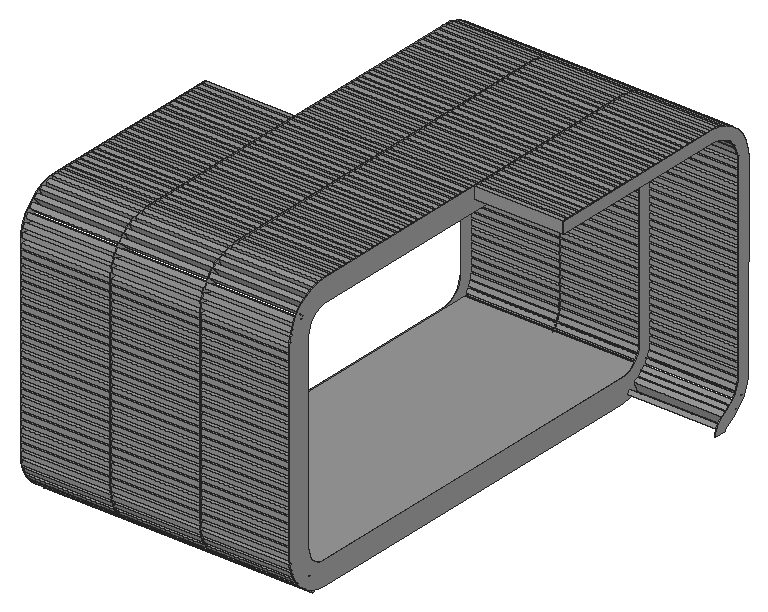
Revit family "Беседка «Краун» Арт 17477", category Антураж, Revit 2018
Family settings
  На основе рабочей плоскости = Нет
  Всегда вертикально = Да
  При загрузке вырезать с полостями = Нет
  Источник визуального образа = Геометрия семейства
  Общий = Нет
  Точка расчета площади = Нет
Parameters (values of type "Модель 5000х3900")
  Ширина = if(Модель 5000х3900, 3900 mm, 4900 mm)  # 3900 mm
  Описание = if(Модель 5000х3900, "Беседка «Краун» модель 5000х3900", "Беседка «Краун» модель 5000х4900")  # "Беседка «Краун» модель 5000х3900"
  Модель 5000х4900 = not(Модель 5000х3900)  # no
  Модель 5000х3900 = yes
  Материал отделки = Дерево Тик
  Материал каркаса = Сталь
  Материал изделия = "Сталь, дерево"  # constant formula
  Изображение типоразмера = Беседка «Краун».jpg
  Изготовитель = "ООО «Хоббика»"  # constant formula
  Длина = 5000 mm  # constant formula
  Группа модели = "Навесы и беседки"  # constant formula
  Высота = 3000 mm  # constant formula
  Артикул товара = "Арт. 17477"  # constant formula
  URL = "https://hobbyka.ru/product/besedka_kraun/"
Types (3, lengths in mm): name | Ширина | Описание | Модель 5000х4900 | Модель 5000х3900
  (no name) | 3900 | "Беседка «Краун» модель 5000х3900" | no | yes
  Модель 5000х3900 | 3900 | "Беседка «Краун» модель 5000х3900" | no | yes
  Модель 5000х4900 | 4900 | "Беседка «Краун» модель 5000х4900" | yes | no
Reference planes
  plane 1 "По центру (Вперед/Назад)": y = 0
  plane 2: z = 0
  plane 3 "По центру (Влево/Вправо)": x = 0
  plane 4: x = 3900
  plane 5: y = 5000
  plane 6: z = 3000
Dimensions and locks
  "Длина": plane 5 to plane 1 "По центру (Вперед/Назад)"
  "Ширина": plane 3 "По центру (Влево/Вправо)" to plane 4
  "Высота": plane 6 to level
  aligned and locked: level to plane 2
Nested families
  nested 1: "Беседка «Краун» 3,900" at (0, 0, 0), visible <- "Модель 5000х3900", type "Беседка «Краун» 3,900"
  nested 2: "Беседка «Краун» 4,900" at (0, 0, 0), visible <- "Модель 5000х4900", type "Беседка «Краун» 4,900"
Definition of nested family "Беседка «Краун» 3,900"
  Parameters (values of type "Беседка «Краун» 3,900")
    Материал отделки = none
    Материал каркаса = none
    Height = 0 mm
  Reference planes
    plane 1 "По центру (Вперед/Назад)": y = 0
    plane 2: z = 0
    plane 3 "По центру (Влево/Вправо)": x = 0
  Forms (mm)
    Extrusion 1, solid, material <- "Материал каркаса"
      sketch origin (0, 0, 0) x (0, 1, 0) y (0, 0, 1)
        loop
          line (4520, 3000) -> (480, 3000)
          arc (480, 3000) -> (140.589, 2859.411) -> (0, 2520) r 480
          line (0, 2520) -> (0, 480)
          arc (0, 480) -> (140.589, 140.589) -> (480, 0) r 480
          line (480, 0) -> (4520, 0)
          arc (4520, 0) -> (4859.411, 140.589) -> (5000, 480) r 480
          line (5000, 480) -> (5000, 2520)
          arc (5000, 2520) -> (4859.411, 2859.411) -> (4520, 3000) r 480
        loop
          line (4520, 2750) -> (480, 2750)
          arc (480, 2750) -> (317.365, 2682.635) -> (250, 2520) r 230
          line (250, 2520) -> (250, 480)
          arc (250, 480) -> (317.365, 317.365) -> (480, 250) r 230
          line (480, 250) -> (4520, 250)
          arc (4520, 250) -> (4682.635, 317.365) -> (4750, 480) r 230
          line (4750, 480) -> (4750, 2520)
          arc (4750, 2520) -> (4682.635, 2682.635) -> (4520, 2750) r 230
      from 975 to 985
    Extrusion 2, solid, material <- "Материал каркаса"
      sketch origin (0, 0, 0) x (0, 1, 0) y (0, 0, 1)
        loop
          line (4520, 3000) -> (480, 3000)
          arc (480, 3000) -> (140.589, 2859.411) -> (0, 2520) r 480
          line (0, 2520) -> (0, 480)
          arc (0, 480) -> (140.589, 140.589) -> (480, 0) r 480
          line (480, 0) -> (4520, 0)
          arc (4520, 0) -> (4859.411, 140.589) -> (5000, 480) r 480
          line (5000, 480) -> (5000, 2520)
          arc (5000, 2520) -> (4859.411, 2859.411) -> (4520, 3000) r 480
        loop
          line (4520, 2875) -> (480, 2875)
          arc (480, 2875) -> (228.977, 2771.023) -> (125, 2520) r 355
          line (125, 2520) -> (125, 475)
          arc (125, 475) -> (228.977, 223.977) -> (480, 120) r 355
          line (480, 120) -> (4520, 120)
          arc (4520, 120) -> (4771.023, 223.977) -> (4875, 475) r 355
          line (4875, 475) -> (4875, 2520)
          arc (4875, 2520) -> (4771.023, 2771.023) -> (4520, 2875) r 355
      from 1945 to 1955
    Extrusion 3, solid, material <- "Материал каркаса"
      sketch origin (0, 0, 0) x (0, 1, 0) y (0, 0, 1)
        loop
          line (4520, 3000) -> (480, 3000)
          arc (480, 3000) -> (140.589, 2859.411) -> (0, 2520) r 480
          line (0, 2520) -> (0, 480)
          arc (0, 480) -> (140.589, 140.589) -> (480, 0) r 480
          line (480, 0) -> (4520, 0)
          arc (4520, 0) -> (4859.411, 140.589) -> (5000, 480) r 480
          line (5000, 480) -> (5000, 2520)
          arc (5000, 2520) -> (4859.411, 2859.411) -> (4520, 3000) r 480
        loop
          line (4520, 2750) -> (480, 2750)
          arc (480, 2750) -> (317.365, 2682.635) -> (250, 2520) r 230
          line (250, 2520) -> (250, 480)
          arc (250, 480) -> (317.365, 317.365) -> (480, 250) r 230
          line (480, 250) -> (4520, 250)
          arc (4520, 250) -> (4682.635, 317.365) -> (4750, 480) r 230
          line (4750, 480) -> (4750, 2520)
          arc (4750, 2520) -> (4682.635, 2682.635) -> (4520, 2750) r 230
      from 2915 to 2925
    Extrusion 4, solid, material <- "Материал каркаса"
      sketch origin (0, 0, 0) x (0, 1, 0) y (0, 0, 1)
        loop
          line (0, 2520) -> (0, 480)
          arc (0, 480) -> (80.051, 214.593) -> (293.504, 37.711) r 480
          arc (293.504, 37.711) -> (310.248, 20.409) -> (316.88, -2.737) r 49.639
          line (316.88, -2.737) -> (441.9, -2.737)
          arc (441.9, -2.737) -> (416.101, 86.939) -> (347.81, 150.53) r 174.639
          arc (347.81, 150.53) -> (185.932, 281.131) -> (125, 480) r 355
          line (125, 480) -> (125, 2520)
          arc (125, 2520) -> (228.977, 2771.023) -> (480, 2875) r 355
          line (480, 2875) -> (2500, 2875) -> (2500, 3000) -> (480, 3000)
          arc (480, 3000) -> (140.589, 2859.411) -> (0, 2520) r 480
      from 0 to 10
    Extrusion 5, solid, material <- "Материал каркаса"
      sketch origin (0, 5000, 0) x (0, -1, 0) y (0, 0, -1)
        loop
          arc (0, -2520) -> (140.589, -2859.411) -> (480, -3000) r 480
          line (480, -3000) -> (2500, -3000) -> (2500, -2875) -> (480, -2875)
          arc (480, -2875) -> (228.977, -2771.023) -> (125, -2520) r 355
          line (125, -2520) -> (125, -480)
          arc (125, -480) -> (185.932, -281.131) -> (347.81, -150.53) r 355
          arc (347.81, -150.53) -> (416.101, -86.939) -> (441.9, 2.737) r 174.639
          line (441.9, 2.737) -> (316.88, 2.737)
          arc (316.88, 2.737) -> (310.248, -20.409) -> (293.504, -37.711) r 49.639
          arc (293.504, -37.711) -> (80.051, -214.593) -> (0, -480) r 480
          line (0, -480) -> (0, -2520)
      from 3890 to 3900
    Extrusion 6, solid, material <- "Материал отделки"
      sketch origin (0, 0, 0) x (1, 0, 0) y (0, 1, 0)
        loop
          line (985, 4875) -> (985, 125) -> (2915, 125) -> (2915, 4875) -> (985, 4875)
      from 161.885 to 250
    Extrusion 7, solid, material <- "Материал отделки"
      sketch origin (0, 0, 0) x (0, 1, 0) y (0, 0, 1)
        loop
          line (2500, 3000) -> (2450, 3000) -> (2450, 2875) -> (2500, 2875) -> (2500, 3000)
        loop
          line (2425, 3000) -> (2375, 3000) -> (2375, 2875) -> (2425, 2875) -> (2425, 3000)
        loop
          line (2350, 3000) -> (2300, 3000) -> (2300, 2875) -> (2350, 2875) -> (2350, 3000)
        loop
          line (2275, 3000) -> (2225, 3000) -> (2225, 2875) -> (2275, 2875) -> (2275, 3000)
        loop
          line (2200, 3000) -> (2150, 3000) -> (2150, 2875) -> (2200, 2875) -> (2200, 3000)
        loop
          line (2125, 3000) -> (2075, 3000) -> (2075, 2875) -> (2125, 2875) -> (2125, 3000)
        loop
          line (2050, 3000) -> (2000, 3000) -> (2000, 2875) -> (2050, 2875) -> (2050, 3000)
        loop
          line (1975, 3000) -> (1925, 3000) -> (1925, 2875) -> (1975, 2875) -> (1975, 3000)
        loop
          line (1900, 3000) -> (1850, 3000) -> (1850, 2875) -> (1900, 2875) -> (1900, 3000)
        loop
          line (1825, 3000) -> (1775, 3000) -> (1775, 2875) -> (1825, 2875) -> (1825, 3000)
        loop
          line (1750, 3000) -> (1700, 3000) -> (1700, 2875) -> (1750, 2875) -> (1750, 3000)
        loop
          line (1675, 3000) -> (1625, 3000) -> (1625, 2875) -> (1675, 2875) -> (1675, 3000)
        loop
          line (1600, 3000) -> (1550, 3000) -> (1550, 2875) -> (1600, 2875) -> (1600, 3000)
        loop
          line (1525, 3000) -> (1475, 3000) -> (1475, 2875) -> (1525, 2875) -> (1525, 3000)
        loop
          line (1450, 3000) -> (1400, 3000) -> (1400, 2875) -> (1450, 2875) -> (1450, 3000)
        loop
          line (1375, 3000) -> (1325, 3000) -> (1325, 2875) -> (1375, 2875) -> (1375, 3000)
        loop
          line (1300, 3000) -> (1250, 3000) -> (1250, 2875) -> (1300, 2875) -> (1300, 3000)
        loop
          line (1225, 3000) -> (1175, 3000) -> (1175, 2875) -> (1225, 2875) -> (1225, 3000)
        loop
          line (1150, 3000) -> (1100, 3000) -> (1100, 2875) -> (1150, 2875) -> (1150, 3000)
        loop
          line (1075, 3000) -> (1025, 3000) -> (1025, 2875) -> (1075, 2875) -> (1075, 3000)
        loop
          line (1000, 3000) -> (950, 3000) -> (950, 2875) -> (1000, 2875) -> (1000, 3000)
        loop
          line (925, 3000) -> (875, 3000) -> (875, 2875) -> (925, 2875) -> (925, 3000)
        loop
          line (850, 3000) -> (800, 3000) -> (800, 2875) -> (850, 2875) -> (850, 3000)
        loop
          line (775, 3000) -> (725, 3000) -> (725, 2875) -> (775, 2875) -> (775, 3000)
        loop
          line (700, 3000) -> (650, 3000) -> (650, 2875) -> (700, 2875) -> (700, 3000)
        loop
          line (625, 3000) -> (575, 3000) -> (575, 2875) -> (625, 2875) -> (625, 3000)
        loop
          line (550, 3000) -> (500, 3000) -> (500, 2875) -> (550, 2875) -> (550, 3000)
        loop
          line (464.302, 2999.541) -> (414.485, 2995.262) -> (425.183, 2870.721) -> (475, 2875) -> (464.302, 2999.541)
        loop
          line (0.036, 2525.036) -> (0.036, 2475.036) -> (125.036, 2475.036) -> (125.036, 2525.036) -> (0.036, 2525.036)
        loop
          line (0.036, 2450.036) -> (0.036, 2400.036) -> (125.036, 2400.036) -> (125.036, 2450.036) -> (0.036, 2450.036)
        loop
          line (0.036, 2375.036) -> (0.036, 2325.036) -> (125.036, 2325.036) -> (125.036, 2375.036) -> (0.036, 2375.036)
        loop
          line (0.036, 2300.036) -> (0.036, 2250.036) -> (125.036, 2250.036) -> (125.036, 2300.036) -> (0.036, 2300.036)
        loop
          line (0.036, 2225.036) -> (0.036, 2175.036) -> (125.036, 2175.036) -> (125.036, 2225.036) -> (0.036, 2225.036)
        loop
          line (0.036, 2150.036) -> (0.036, 2100.036) -> (125.036, 2100.036) -> (125.036, 2150.036) -> (0.036, 2150.036)
        loop
          line (0.036, 2075.036) -> (0.036, 2025.036) -> (125.036, 2025.036) -> (125.036, 2075.036) -> (0.036, 2075.036)
        loop
          line (0.036, 2000.036) -> (0.036, 1950.036) -> (125.036, 1950.036) -> (125.036, 2000.036) -> (0.036, 2000.036)
        loop
          line (0.036, 1925.036) -> (0.036, 1875.036) -> (125.036, 1875.036) -> (125.036, 1925.036) -> (0.036, 1925.036)
        loop
          line (0.036, 1850.036) -> (0.036, 1800.036) -> (125.036, 1800.036) -> (125.036, 1850.036) -> (0.036, 1850.036)
        loop
          line (0.036, 1775.036) -> (0.036, 1725.036) -> (125.036, 1725.036) -> (125.036, 1775.036) -> (0.036, 1775.036)
        loop
          line (0.036, 1700.036) -> (0.036, 1650.036) -> (125.036, 1650.036) -> (125.036, 1700.036) -> (0.036, 1700.036)
        loop
          line (0.036, 1625.036) -> (0.036, 1575.036) -> (125.036, 1575.036) -> (125.036, 1625.036) -> (0.036, 1625.036)
        loop
          line (0.036, 1550.036) -> (0.036, 1500.036) -> (125.036, 1500.036) -> (125.036, 1550.036) -> (0.036, 1550.036)
        loop
          line (0.036, 1475.036) -> (0.036, 1425.036) -> (125.036, 1425.036) -> (125.036, 1475.036) -> (0.036, 1475.036)
        loop
          line (0.036, 1400.036) -> (0.036, 1350.036) -> (125.036, 1350.036) -> (125.036, 1400.036) -> (0.036, 1400.036)
        loop
          line (0.036, 1325.036) -> (0.036, 1275.036) -> (125.036, 1275.036) -> (125.036, 1325.036) -> (0.036, 1325.036)
        loop
          line (0.036, 1250.036) -> (0.036, 1200.036) -> (125.036, 1200.036) -> (125.036, 1250.036) -> (0.036, 1250.036)
        loop
          line (0.036, 1175.036) -> (0.036, 1125.036) -> (125.036, 1125.036) -> (125.036, 1175.036) -> (0.036, 1175.036)
        loop
          line (0.036, 1100.036) -> (0.036, 1050.036) -> (125.036, 1050.036) -> (125.036, 1100.036) -> (0.036, 1100.036)
        loop
          line (0.036, 1025.036) -> (0.036, 975.036) -> (125.036, 975.036) -> (125.036, 1025.036) -> (0.036, 1025.036)
        loop
          line (0.036, 950.036) -> (0.036, 900.036) -> (125.036, 900.036) -> (125.036, 950.036) -> (0.036, 950.036)
        loop
          line (0.036, 875.036) -> (0.036, 825.036) -> (125.036, 825.036) -> (125.036, 875.036) -> (0.036, 875.036)
        loop
          line (0.036, 800.036) -> (0.036, 750.036) -> (125.036, 750.036) -> (125.036, 800.036) -> (0.036, 800.036)
        loop
          line (0.036, 725.036) -> (0.036, 675.036) -> (125.036, 675.036) -> (125.036, 725.036) -> (0.036, 725.036)
        loop
          line (0.036, 650.036) -> (0.036, 600.036) -> (125.036, 600.036) -> (125.036, 650.036) -> (0.036, 650.036)
        loop
          line (0.036, 575.036) -> (0.036, 525.036) -> (125.036, 525.036) -> (125.036, 575.036) -> (0.036, 575.036)
        loop
          line (0.036, 500.036) -> (0.036, 450.036) -> (125.036, 450.036) -> (125.036, 500.036) -> (0.036, 500.036)
        loop
          line (373.958, 2988.782) -> (325.874, 2975.076) -> (360.139, 2854.864) -> (408.224, 2868.57) -> (373.958, 2988.782)
        loop
          line (287.328, 2960.982) -> (242.742, 2938.353) -> (299.315, 2826.888) -> (343.901, 2849.517) -> (287.328, 2960.982)
        loop
          line (207.593, 2917.163) -> (168.144, 2886.442) -> (244.947, 2787.82) -> (284.396, 2818.54) -> (207.593, 2917.163)
        loop
          line (137.685, 2858.935) -> (104.823, 2821.251) -> (199.032, 2739.095) -> (231.894, 2776.779) -> (137.685, 2858.935)
        loop
          line (80.172, 2788.438) -> (55.103, 2745.176) -> (163.258, 2682.505) -> (188.326, 2725.767) -> (80.172, 2788.438)
        loop
          line (37.166, 2708.261) -> (20.813, 2661.011) -> (138.939, 2620.129) -> (155.292, 2667.379) -> (37.166, 2708.261)
        loop
          line (10.249, 2621.352) -> (3.213, 2571.85) -> (126.969, 2554.258) -> (134.005, 2603.761) -> (10.249, 2621.352)
        loop
          line (4.571, 409.529) -> (14.111, 360.448) -> (136.815, 384.299) -> (127.274, 433.381) -> (4.571, 409.529)
        loop
          line (26.839, 322.894) -> (45.569, 276.534) -> (161.467, 323.36) -> (142.737, 369.719) -> (26.839, 322.894)
        loop
          line (62.752, 241.937) -> (89.984, 200.003) -> (194.817, 268.083) -> (167.585, 310.017) -> (62.752, 241.937)
        loop
          line (112.684, 169.659) -> (147.417, 133.692) -> (237.334, 220.525) -> (202.601, 256.492) -> (112.684, 169.659)
        loop
          line (174.686, 108.315) -> (215.644, 79.636) -> (287.341, 182.03) -> (246.383, 210.709) -> (174.686, 108.315)
        loop
          line (246.426, 59.58) -> (292.103, 39.243) -> (342.945, 153.436) -> (297.268, 173.773) -> (246.426, 59.58)
        loop
          line (297.413, 40.56) -> (324.645, -1.374) -> (429.478, 66.706) -> (402.246, 108.64) -> (297.413, 40.56)
      from 10 to 2915
    Extrusion 8, solid, material <- "Материал отделки"
      sketch origin (0, 5000, 0) x (0, -1, 0) y (0, 0, -1)
        loop
          line (2500, -3000) -> (2500, -2875) -> (2450, -2875) -> (2450, -3000) -> (2500, -3000)
        loop
          line (2425, -3000) -> (2425, -2875) -> (2375, -2875) -> (2375, -3000) -> (2425, -3000)
        loop
          line (2350, -3000) -> (2350, -2875) -> (2300, -2875) -> (2300, -3000) -> (2350, -3000)
        loop
          line (2275, -3000) -> (2275, -2875) -> (2225, -2875) -> (2225, -3000) -> (2275, -3000)
        loop
          line (2200, -3000) -> (2200, -2875) -> (2150, -2875) -> (2150, -3000) -> (2200, -3000)
        loop
          line (2125, -3000) -> (2125, -2875) -> (2075, -2875) -> (2075, -3000) -> (2125, -3000)
        loop
          line (2050, -3000) -> (2050, -2875) -> (2000, -2875) -> (2000, -3000) -> (2050, -3000)
        loop
          line (1975, -3000) -> (1975, -2875) -> (1925, -2875) -> (1925, -3000) -> (1975, -3000)
        loop
          line (1900, -3000) -> (1900, -2875) -> (1850, -2875) -> (1850, -3000) -> (1900, -3000)
        loop
          line (1825, -3000) -> (1825, -2875) -> (1775, -2875) -> (1775, -3000) -> (1825, -3000)
        loop
          line (1750, -3000) -> (1750, -2875) -> (1700, -2875) -> (1700, -3000) -> (1750, -3000)
        loop
          line (1675, -3000) -> (1675, -2875) -> (1625, -2875) -> (1625, -3000) -> (1675, -3000)
        loop
          line (1600, -3000) -> (1600, -2875) -> (1550, -2875) -> (1550, -3000) -> (1600, -3000)
        loop
          line (1525, -3000) -> (1525, -2875) -> (1475, -2875) -> (1475, -3000) -> (1525, -3000)
        loop
          line (1450, -3000) -> (1450, -2875) -> (1400, -2875) -> (1400, -3000) -> (1450, -3000)
        loop
          line (1375, -3000) -> (1375, -2875) -> (1325, -2875) -> (1325, -3000) -> (1375, -3000)
        loop
          line (1300, -3000) -> (1300, -2875) -> (1250, -2875) -> (1250, -3000) -> (1300, -3000)
        loop
          line (1225, -3000) -> (1225, -2875) -> (1175, -2875) -> (1175, -3000) -> (1225, -3000)
        loop
          line (1150, -3000) -> (1150, -2875) -> (1100, -2875) -> (1100, -3000) -> (1150, -3000)
        loop
          line (1075, -3000) -> (1075, -2875) -> (1025, -2875) -> (1025, -3000) -> (1075, -3000)
        loop
          line (1000, -3000) -> (1000, -2875) -> (950, -2875) -> (950, -3000) -> (1000, -3000)
        loop
          line (925, -3000) -> (925, -2875) -> (875, -2875) -> (875, -3000) -> (925, -3000)
        loop
          line (850, -3000) -> (850, -2875) -> (800, -2875) -> (800, -3000) -> (850, -3000)
        loop
          line (775, -3000) -> (775, -2875) -> (725, -2875) -> (725, -3000) -> (775, -3000)
        loop
          line (700, -3000) -> (700, -2875) -> (650, -2875) -> (650, -3000) -> (700, -3000)
        loop
          line (625, -3000) -> (625, -2875) -> (575, -2875) -> (575, -3000) -> (625, -3000)
        loop
          line (550, -3000) -> (550, -2875) -> (500, -2875) -> (500, -3000) -> (550, -3000)
        loop
          line (464.302, -2999.541) -> (475, -2875) -> (425.183, -2870.721) -> (414.485, -2995.262) -> (464.302, -2999.541)
        loop
          line (0.036, -2525.036) -> (125.036, -2525.036) -> (125.036, -2475.036) -> (0.036, -2475.036) -> (0.036, -2525.036)
        loop
          line (0.036, -2450.036) -> (125.036, -2450.036) -> (125.036, -2400.036) -> (0.036, -2400.036) -> (0.036, -2450.036)
        loop
          line (0.036, -2375.036) -> (125.036, -2375.036) -> (125.036, -2325.036) -> (0.036, -2325.036) -> (0.036, -2375.036)
        loop
          line (0.036, -2300.036) -> (125.036, -2300.036) -> (125.036, -2250.036) -> (0.036, -2250.036) -> (0.036, -2300.036)
        loop
          line (0.036, -2225.036) -> (125.036, -2225.036) -> (125.036, -2175.036) -> (0.036, -2175.036) -> (0.036, -2225.036)
        loop
          line (0.036, -2150.036) -> (125.036, -2150.036) -> (125.036, -2100.036) -> (0.036, -2100.036) -> (0.036, -2150.036)
        loop
          line (0.036, -2075.036) -> (125.036, -2075.036) -> (125.036, -2025.036) -> (0.036, -2025.036) -> (0.036, -2075.036)
        loop
          line (0.036, -2000.036) -> (125.036, -2000.036) -> (125.036, -1950.036) -> (0.036, -1950.036) -> (0.036, -2000.036)
        loop
          line (0.036, -1925.036) -> (125.036, -1925.036) -> (125.036, -1875.036) -> (0.036, -1875.036) -> (0.036, -1925.036)
        loop
          line (0.036, -1850.036) -> (125.036, -1850.036) -> (125.036, -1800.036) -> (0.036, -1800.036) -> (0.036, -1850.036)
        loop
          line (0.036, -1775.036) -> (125.036, -1775.036) -> (125.036, -1725.036) -> (0.036, -1725.036) -> (0.036, -1775.036)
        loop
          line (0.036, -1700.036) -> (125.036, -1700.036) -> (125.036, -1650.036) -> (0.036, -1650.036) -> (0.036, -1700.036)
        loop
          line (0.036, -1625.036) -> (125.036, -1625.036) -> (125.036, -1575.036) -> (0.036, -1575.036) -> (0.036, -1625.036)
        loop
          line (0.036, -1550.036) -> (125.036, -1550.036) -> (125.036, -1500.036) -> (0.036, -1500.036) -> (0.036, -1550.036)
        loop
          line (0.036, -1475.036) -> (125.036, -1475.036) -> (125.036, -1425.036) -> (0.036, -1425.036) -> (0.036, -1475.036)
        loop
          line (0.036, -1400.036) -> (125.036, -1400.036) -> (125.036, -1350.036) -> (0.036, -1350.036) -> (0.036, -1400.036)
        loop
          line (0.036, -1325.036) -> (125.036, -1325.036) -> (125.036, -1275.036) -> (0.036, -1275.036) -> (0.036, -1325.036)
        loop
          line (0.036, -1250.036) -> (125.036, -1250.036) -> (125.036, -1200.036) -> (0.036, -1200.036) -> (0.036, -1250.036)
        loop
          line (0.036, -1175.036) -> (125.036, -1175.036) -> (125.036, -1125.036) -> (0.036, -1125.036) -> (0.036, -1175.036)
        loop
          line (0.036, -1100.036) -> (125.036, -1100.036) -> (125.036, -1050.036) -> (0.036, -1050.036) -> (0.036, -1100.036)
        loop
          line (0.036, -1025.036) -> (125.036, -1025.036) -> (125.036, -975.036) -> (0.036, -975.036) -> (0.036, -1025.036)
        loop
          line (0.036, -950.036) -> (125.036, -950.036) -> (125.036, -900.036) -> (0.036, -900.036) -> (0.036, -950.036)
        loop
          line (0.036, -875.036) -> (125.036, -875.036) -> (125.036, -825.036) -> (0.036, -825.036) -> (0.036, -875.036)
        loop
          line (0.036, -800.036) -> (125.036, -800.036) -> (125.036, -750.036) -> (0.036, -750.036) -> (0.036, -800.036)
        loop
          line (0.036, -725.036) -> (125.036, -725.036) -> (125.036, -675.036) -> (0.036, -675.036) -> (0.036, -725.036)
        loop
          line (0.036, -650.036) -> (125.036, -650.036) -> (125.036, -600.036) -> (0.036, -600.036) -> (0.036, -650.036)
        loop
          line (0.036, -575.036) -> (125.036, -575.036) -> (125.036, -525.036) -> (0.036, -525.036) -> (0.036, -575.036)
        loop
          line (0.036, -500.036) -> (125.036, -500.036) -> (125.036, -450.036) -> (0.036, -450.036) -> (0.036, -500.036)
        loop
          line (373.958, -2988.782) -> (408.224, -2868.57) -> (360.139, -2854.864) -> (325.874, -2975.076) -> (373.958, -2988.782)
        loop
          line (287.328, -2960.982) -> (343.901, -2849.517) -> (299.315, -2826.888) -> (242.742, -2938.353) -> (287.328, -2960.982)
        loop
          line (207.593, -2917.163) -> (284.396, -2818.54) -> (244.947, -2787.82) -> (168.144, -2886.442) -> (207.593, -2917.163)
        loop
          line (137.685, -2858.935) -> (231.894, -2776.779) -> (199.032, -2739.095) -> (104.823, -2821.251) -> (137.685, -2858.935)
        loop
          line (80.172, -2788.438) -> (188.326, -2725.767) -> (163.258, -2682.505) -> (55.103, -2745.176) -> (80.172, -2788.438)
        loop
          line (37.166, -2708.261) -> (155.292, -2667.379) -> (138.939, -2620.129) -> (20.813, -2661.011) -> (37.166, -2708.261)
        loop
          line (10.249, -2621.352) -> (134.005, -2603.761) -> (126.969, -2554.258) -> (3.213, -2571.85) -> (10.249, -2621.352)
        loop
          line (4.571, -409.529) -> (127.274, -433.381) -> (136.815, -384.299) -> (14.111, -360.448) -> (4.571, -409.529)
        loop
          line (26.839, -322.894) -> (142.737, -369.719) -> (161.467, -323.36) -> (45.569, -276.534) -> (26.839, -322.894)
        loop
          line (62.752, -241.937) -> (167.585, -310.017) -> (194.817, -268.083) -> (89.984, -200.003) -> (62.752, -241.937)
        loop
          line (112.684, -169.659) -> (202.601, -256.492) -> (237.334, -220.525) -> (147.417, -133.692) -> (112.684, -169.659)
        loop
          line (174.686, -108.315) -> (246.383, -210.709) -> (287.341, -182.03) -> (215.644, -79.636) -> (174.686, -108.315)
        loop
          line (246.426, -59.58) -> (297.268, -173.773) -> (342.945, -153.436) -> (292.103, -39.243) -> (246.426, -59.58)
        loop
          line (297.413, -40.56) -> (402.246, -108.64) -> (429.478, -66.706) -> (324.645, 1.374) -> (297.413, -40.56)
      from 985 to 3890
  Dimensions and locks
    aligned and locked: level to plane 2
Definition of nested family "Беседка «Краун» 4,900"
  Parameters (values of type "Беседка «Краун» 4,900")
    Материал отделки = none
    Материал каркаса = none
    Height = 0 mm
  Reference planes
    plane 1 "По центру (Вперед/Назад)": y = 0
    plane 2: z = 0
    plane 3 "По центру (Влево/Вправо)": x = 0
  Forms (mm)
    Extrusion 1, solid, material <- "Материал каркаса"
      sketch origin (0, 0, 0) x (0, 1, 0) y (0, 0, 1)
        loop
          line (4520, 3000) -> (480, 3000)
          arc (480, 3000) -> (140.589, 2859.411) -> (0, 2520) r 480
          line (0, 2520) -> (0, 480)
          arc (0, 480) -> (140.589, 140.589) -> (480, 0) r 480
          line (480, 0) -> (4520, 0)
          arc (4520, 0) -> (4859.411, 140.589) -> (5000, 480) r 480
          line (5000, 480) -> (5000, 2520)
          arc (5000, 2520) -> (4859.411, 2859.411) -> (4520, 3000) r 480
        loop
          line (4520, 2750) -> (480, 2750)
          arc (480, 2750) -> (317.365, 2682.635) -> (250, 2520) r 230
          line (250, 2520) -> (250, 480)
          arc (250, 480) -> (317.365, 317.365) -> (480, 250) r 230
          line (480, 250) -> (4520, 250)
          arc (4520, 250) -> (4682.635, 317.365) -> (4750, 480) r 230
          line (4750, 480) -> (4750, 2520)
          arc (4750, 2520) -> (4682.635, 2682.635) -> (4520, 2750) r 230
      from 980 to 990
    Extrusion 2, solid, material <- "Материал каркаса"
      sketch origin (0, 0, 0) x (0, 1, 0) y (0, 0, 1)
        loop
          line (4520, 3000) -> (480, 3000)
          arc (480, 3000) -> (140.589, 2859.411) -> (0, 2520) r 480
          line (0, 2520) -> (0, 480)
          arc (0, 480) -> (140.589, 140.589) -> (480, 0) r 480
          line (480, 0) -> (4520, 0)
          arc (4520, 0) -> (4859.411, 140.589) -> (5000, 480) r 480
          line (5000, 480) -> (5000, 2520)
          arc (5000, 2520) -> (4859.411, 2859.411) -> (4520, 3000) r 480
        loop
          line (4520, 2875) -> (480, 2875)
          arc (480, 2875) -> (228.977, 2771.023) -> (125, 2520) r 355
          line (125, 2520) -> (125, 475)
          arc (125, 475) -> (228.977, 223.977) -> (480, 120) r 355
          line (480, 120) -> (4520, 120)
          arc (4520, 120) -> (4771.023, 223.977) -> (4875, 475) r 355
          line (4875, 475) -> (4875, 2520)
          arc (4875, 2520) -> (4771.023, 2771.023) -> (4520, 2875) r 355
      from 1955 to 1965
    Extrusion 3, solid, material <- "Материал каркаса"
      sketch origin (0, 0, 0) x (0, 1, 0) y (0, 0, 1)
        loop
          line (4520, 3000) -> (480, 3000)
          arc (480, 3000) -> (140.589, 2859.411) -> (0, 2520) r 480
          line (0, 2520) -> (0, 480)
          arc (0, 480) -> (140.589, 140.589) -> (480, 0) r 480
          line (480, 0) -> (4520, 0)
          arc (4520, 0) -> (4859.411, 140.589) -> (5000, 480) r 480
          line (5000, 480) -> (5000, 2520)
          arc (5000, 2520) -> (4859.411, 2859.411) -> (4520, 3000) r 480
        loop
          line (4520, 2875) -> (480, 2875)
          arc (480, 2875) -> (228.977, 2771.023) -> (125, 2520) r 355
          line (125, 2520) -> (125, 480)
          arc (125, 480) -> (228.977, 228.977) -> (480, 125) r 355
          line (480, 125) -> (4520, 125)
          arc (4520, 125) -> (4771.023, 228.977) -> (4875, 480) r 355
          line (4875, 480) -> (4875, 2520)
          arc (4875, 2520) -> (4771.023, 2771.023) -> (4520, 2875) r 355
      from 2935 to 2945
    Extrusion 4, solid, material <- "Материал каркаса"
      sketch origin (0, 0, 0) x (0, 1, 0) y (0, 0, 1)
        loop
          line (0, 2520) -> (0, 480)
          arc (0, 480) -> (80.051, 214.593) -> (293.504, 37.711) r 480
          arc (293.504, 37.711) -> (310.248, 20.409) -> (316.88, -2.737) r 49.639
          line (316.88, -2.737) -> (441.9, -2.737)
          arc (441.9, -2.737) -> (416.101, 86.939) -> (347.81, 150.53) r 174.639
          arc (347.81, 150.53) -> (185.932, 281.131) -> (125, 480) r 355
          line (125, 480) -> (125, 2520)
          arc (125, 2520) -> (228.977, 2771.023) -> (480, 2875) r 355
          line (480, 2875) -> (2500, 2875) -> (2500, 3000) -> (480, 3000)
          arc (480, 3000) -> (140.589, 2859.411) -> (0, 2520) r 480
      from 0 to 10
    Extrusion 5, solid, material <- "Материал каркаса"
      sketch origin (0, 5000, 0) x (0, -1, 0) y (0, 0, -1)
        loop
          arc (0, -2520) -> (140.589, -2859.411) -> (480, -3000) r 480
          line (480, -3000) -> (2500, -3000) -> (2500, -2875) -> (480, -2875)
          arc (480, -2875) -> (228.977, -2771.023) -> (125, -2520) r 355
          line (125, -2520) -> (125, -480)
          arc (125, -480) -> (185.932, -281.131) -> (347.81, -150.53) r 355
          arc (347.81, -150.53) -> (416.101, -86.939) -> (441.9, 2.737) r 174.639
          line (441.9, 2.737) -> (316.88, 2.737)
          arc (316.88, 2.737) -> (310.248, -20.409) -> (293.504, -37.711) r 49.639
          arc (293.504, -37.711) -> (80.051, -214.593) -> (0, -480) r 480
          line (0, -480) -> (0, -2520)
      from 4890 to 4900
    Extrusion 6, solid, material <- "Материал отделки"
      sketch origin (0, 0, 0) x (0, 1, 0) y (0, 0, 1)
        loop
          line (2500, 3000) -> (2450, 3000) -> (2450, 2875) -> (2500, 2875) -> (2500, 3000)
        loop
          line (2425, 3000) -> (2375, 3000) -> (2375, 2875) -> (2425, 2875) -> (2425, 3000)
        loop
          line (2350, 3000) -> (2300, 3000) -> (2300, 2875) -> (2350, 2875) -> (2350, 3000)
        loop
          line (2275, 3000) -> (2225, 3000) -> (2225, 2875) -> (2275, 2875) -> (2275, 3000)
        loop
          line (2200, 3000) -> (2150, 3000) -> (2150, 2875) -> (2200, 2875) -> (2200, 3000)
        loop
          line (2125, 3000) -> (2075, 3000) -> (2075, 2875) -> (2125, 2875) -> (2125, 3000)
        loop
          line (2050, 3000) -> (2000, 3000) -> (2000, 2875) -> (2050, 2875) -> (2050, 3000)
        loop
          line (1975, 3000) -> (1925, 3000) -> (1925, 2875) -> (1975, 2875) -> (1975, 3000)
        loop
          line (1900, 3000) -> (1850, 3000) -> (1850, 2875) -> (1900, 2875) -> (1900, 3000)
        loop
          line (1825, 3000) -> (1775, 3000) -> (1775, 2875) -> (1825, 2875) -> (1825, 3000)
        loop
          line (1750, 3000) -> (1700, 3000) -> (1700, 2875) -> (1750, 2875) -> (1750, 3000)
        loop
          line (1675, 3000) -> (1625, 3000) -> (1625, 2875) -> (1675, 2875) -> (1675, 3000)
        loop
          line (1600, 3000) -> (1550, 3000) -> (1550, 2875) -> (1600, 2875) -> (1600, 3000)
        loop
          line (1525, 3000) -> (1475, 3000) -> (1475, 2875) -> (1525, 2875) -> (1525, 3000)
        loop
          line (1450, 3000) -> (1400, 3000) -> (1400, 2875) -> (1450, 2875) -> (1450, 3000)
        loop
          line (1375, 3000) -> (1325, 3000) -> (1325, 2875) -> (1375, 2875) -> (1375, 3000)
        loop
          line (1300, 3000) -> (1250, 3000) -> (1250, 2875) -> (1300, 2875) -> (1300, 3000)
        loop
          line (1225, 3000) -> (1175, 3000) -> (1175, 2875) -> (1225, 2875) -> (1225, 3000)
        loop
          line (1150, 3000) -> (1100, 3000) -> (1100, 2875) -> (1150, 2875) -> (1150, 3000)
        loop
          line (1075, 3000) -> (1025, 3000) -> (1025, 2875) -> (1075, 2875) -> (1075, 3000)
        loop
          line (1000, 3000) -> (950, 3000) -> (950, 2875) -> (1000, 2875) -> (1000, 3000)
        loop
          line (925, 3000) -> (875, 3000) -> (875, 2875) -> (925, 2875) -> (925, 3000)
        loop
          line (850, 3000) -> (800, 3000) -> (800, 2875) -> (850, 2875) -> (850, 3000)
        loop
          line (775, 3000) -> (725, 3000) -> (725, 2875) -> (775, 2875) -> (775, 3000)
        loop
          line (700, 3000) -> (650, 3000) -> (650, 2875) -> (700, 2875) -> (700, 3000)
        loop
          line (625, 3000) -> (575, 3000) -> (575, 2875) -> (625, 2875) -> (625, 3000)
        loop
          line (550, 3000) -> (500, 3000) -> (500, 2875) -> (550, 2875) -> (550, 3000)
        loop
          line (464.302, 2999.541) -> (414.485, 2995.262) -> (425.183, 2870.721) -> (475, 2875) -> (464.302, 2999.541)
        loop
          line (0.036, 2525.036) -> (0.036, 2475.036) -> (125.036, 2475.036) -> (125.036, 2525.036) -> (0.036, 2525.036)
        loop
          line (0.036, 2450.036) -> (0.036, 2400.036) -> (125.036, 2400.036) -> (125.036, 2450.036) -> (0.036, 2450.036)
        loop
          line (0.036, 2375.036) -> (0.036, 2325.036) -> (125.036, 2325.036) -> (125.036, 2375.036) -> (0.036, 2375.036)
        loop
          line (0.036, 2300.036) -> (0.036, 2250.036) -> (125.036, 2250.036) -> (125.036, 2300.036) -> (0.036, 2300.036)
        loop
          line (0.036, 2225.036) -> (0.036, 2175.036) -> (125.036, 2175.036) -> (125.036, 2225.036) -> (0.036, 2225.036)
        loop
          line (0.036, 2150.036) -> (0.036, 2100.036) -> (125.036, 2100.036) -> (125.036, 2150.036) -> (0.036, 2150.036)
        loop
          line (0.036, 2075.036) -> (0.036, 2025.036) -> (125.036, 2025.036) -> (125.036, 2075.036) -> (0.036, 2075.036)
        loop
          line (0.036, 2000.036) -> (0.036, 1950.036) -> (125.036, 1950.036) -> (125.036, 2000.036) -> (0.036, 2000.036)
        loop
          line (0.036, 1925.036) -> (0.036, 1875.036) -> (125.036, 1875.036) -> (125.036, 1925.036) -> (0.036, 1925.036)
        loop
          line (0.036, 1850.036) -> (0.036, 1800.036) -> (125.036, 1800.036) -> (125.036, 1850.036) -> (0.036, 1850.036)
        loop
          line (0.036, 1775.036) -> (0.036, 1725.036) -> (125.036, 1725.036) -> (125.036, 1775.036) -> (0.036, 1775.036)
        loop
          line (0.036, 1700.036) -> (0.036, 1650.036) -> (125.036, 1650.036) -> (125.036, 1700.036) -> (0.036, 1700.036)
        loop
          line (0.036, 1625.036) -> (0.036, 1575.036) -> (125.036, 1575.036) -> (125.036, 1625.036) -> (0.036, 1625.036)
        loop
          line (0.036, 1550.036) -> (0.036, 1500.036) -> (125.036, 1500.036) -> (125.036, 1550.036) -> (0.036, 1550.036)
        loop
          line (0.036, 1475.036) -> (0.036, 1425.036) -> (125.036, 1425.036) -> (125.036, 1475.036) -> (0.036, 1475.036)
        loop
          line (0.036, 1400.036) -> (0.036, 1350.036) -> (125.036, 1350.036) -> (125.036, 1400.036) -> (0.036, 1400.036)
        loop
          line (0.036, 1325.036) -> (0.036, 1275.036) -> (125.036, 1275.036) -> (125.036, 1325.036) -> (0.036, 1325.036)
        loop
          line (0.036, 1250.036) -> (0.036, 1200.036) -> (125.036, 1200.036) -> (125.036, 1250.036) -> (0.036, 1250.036)
        loop
          line (0.036, 1175.036) -> (0.036, 1125.036) -> (125.036, 1125.036) -> (125.036, 1175.036) -> (0.036, 1175.036)
        loop
          line (0.036, 1100.036) -> (0.036, 1050.036) -> (125.036, 1050.036) -> (125.036, 1100.036) -> (0.036, 1100.036)
        loop
          line (0.036, 1025.036) -> (0.036, 975.036) -> (125.036, 975.036) -> (125.036, 1025.036) -> (0.036, 1025.036)
        loop
          line (0.036, 950.036) -> (0.036, 900.036) -> (125.036, 900.036) -> (125.036, 950.036) -> (0.036, 950.036)
        loop
          line (0.036, 875.036) -> (0.036, 825.036) -> (125.036, 825.036) -> (125.036, 875.036) -> (0.036, 875.036)
        loop
          line (0.036, 800.036) -> (0.036, 750.036) -> (125.036, 750.036) -> (125.036, 800.036) -> (0.036, 800.036)
        loop
          line (0.036, 725.036) -> (0.036, 675.036) -> (125.036, 675.036) -> (125.036, 725.036) -> (0.036, 725.036)
        loop
          line (0.036, 650.036) -> (0.036, 600.036) -> (125.036, 600.036) -> (125.036, 650.036) -> (0.036, 650.036)
        loop
          line (0.036, 575.036) -> (0.036, 525.036) -> (125.036, 525.036) -> (125.036, 575.036) -> (0.036, 575.036)
        loop
          line (0.036, 500.036) -> (0.036, 450.036) -> (125.036, 450.036) -> (125.036, 500.036) -> (0.036, 500.036)
        loop
          line (373.958, 2988.782) -> (325.874, 2975.076) -> (360.139, 2854.864) -> (408.224, 2868.57) -> (373.958, 2988.782)
        loop
          line (287.328, 2960.982) -> (242.742, 2938.353) -> (299.315, 2826.888) -> (343.901, 2849.517) -> (287.328, 2960.982)
        loop
          line (207.593, 2917.163) -> (168.144, 2886.442) -> (244.947, 2787.82) -> (284.396, 2818.54) -> (207.593, 2917.163)
        loop
          line (137.685, 2858.935) -> (104.823, 2821.251) -> (199.032, 2739.095) -> (231.894, 2776.779) -> (137.685, 2858.935)
        loop
          line (80.172, 2788.438) -> (55.103, 2745.176) -> (163.258, 2682.505) -> (188.326, 2725.767) -> (80.172, 2788.438)
        loop
          line (37.166, 2708.261) -> (20.813, 2661.011) -> (138.939, 2620.129) -> (155.292, 2667.379) -> (37.166, 2708.261)
        loop
          line (10.249, 2621.352) -> (3.213, 2571.85) -> (126.969, 2554.258) -> (134.005, 2603.761) -> (10.249, 2621.352)
        loop
          line (4.571, 409.529) -> (14.111, 360.448) -> (136.815, 384.299) -> (127.274, 433.381) -> (4.571, 409.529)
        loop
          line (26.839, 322.894) -> (45.569, 276.534) -> (161.467, 323.36) -> (142.737, 369.719) -> (26.839, 322.894)
        loop
          line (62.752, 241.937) -> (89.984, 200.003) -> (194.817, 268.083) -> (167.585, 310.017) -> (62.752, 241.937)
        loop
          line (112.684, 169.659) -> (147.417, 133.692) -> (237.334, 220.525) -> (202.601, 256.492) -> (112.684, 169.659)
        loop
          line (174.686, 108.315) -> (215.644, 79.636) -> (287.341, 182.03) -> (246.383, 210.709) -> (174.686, 108.315)
        loop
          line (246.426, 59.58) -> (292.103, 39.243) -> (342.945, 153.436) -> (297.268, 173.773) -> (246.426, 59.58)
        loop
          line (297.413, 40.56) -> (324.645, -1.374) -> (429.478, 66.706) -> (402.246, 108.64) -> (297.413, 40.56)
      from 10 to 3910
    Extrusion 7, solid, material <- "Материал отделки"
      sketch origin (0, 5000, 0) x (0, -1, 0) y (0, 0, -1)
        loop
          line (2500, -3000) -> (2500, -2875) -> (2450, -2875) -> (2450, -3000) -> (2500, -3000)
        loop
          line (2425, -3000) -> (2425, -2875) -> (2375, -2875) -> (2375, -3000) -> (2425, -3000)
        loop
          line (2350, -3000) -> (2350, -2875) -> (2300, -2875) -> (2300, -3000) -> (2350, -3000)
        loop
          line (2275, -3000) -> (2275, -2875) -> (2225, -2875) -> (2225, -3000) -> (2275, -3000)
        loop
          line (2200, -3000) -> (2200, -2875) -> (2150, -2875) -> (2150, -3000) -> (2200, -3000)
        loop
          line (2125, -3000) -> (2125, -2875) -> (2075, -2875) -> (2075, -3000) -> (2125, -3000)
        loop
          line (2050, -3000) -> (2050, -2875) -> (2000, -2875) -> (2000, -3000) -> (2050, -3000)
        loop
          line (1975, -3000) -> (1975, -2875) -> (1925, -2875) -> (1925, -3000) -> (1975, -3000)
        loop
          line (1900, -3000) -> (1900, -2875) -> (1850, -2875) -> (1850, -3000) -> (1900, -3000)
        loop
          line (1825, -3000) -> (1825, -2875) -> (1775, -2875) -> (1775, -3000) -> (1825, -3000)
        loop
          line (1750, -3000) -> (1750, -2875) -> (1700, -2875) -> (1700, -3000) -> (1750, -3000)
        loop
          line (1675, -3000) -> (1675, -2875) -> (1625, -2875) -> (1625, -3000) -> (1675, -3000)
        loop
          line (1600, -3000) -> (1600, -2875) -> (1550, -2875) -> (1550, -3000) -> (1600, -3000)
        loop
          line (1525, -3000) -> (1525, -2875) -> (1475, -2875) -> (1475, -3000) -> (1525, -3000)
        loop
          line (1450, -3000) -> (1450, -2875) -> (1400, -2875) -> (1400, -3000) -> (1450, -3000)
        loop
          line (1375, -3000) -> (1375, -2875) -> (1325, -2875) -> (1325, -3000) -> (1375, -3000)
        loop
          line (1300, -3000) -> (1300, -2875) -> (1250, -2875) -> (1250, -3000) -> (1300, -3000)
        loop
          line (1225, -3000) -> (1225, -2875) -> (1175, -2875) -> (1175, -3000) -> (1225, -3000)
        loop
          line (1150, -3000) -> (1150, -2875) -> (1100, -2875) -> (1100, -3000) -> (1150, -3000)
        loop
          line (1075, -3000) -> (1075, -2875) -> (1025, -2875) -> (1025, -3000) -> (1075, -3000)
        loop
          line (1000, -3000) -> (1000, -2875) -> (950, -2875) -> (950, -3000) -> (1000, -3000)
        loop
          line (925, -3000) -> (925, -2875) -> (875, -2875) -> (875, -3000) -> (925, -3000)
        loop
          line (850, -3000) -> (850, -2875) -> (800, -2875) -> (800, -3000) -> (850, -3000)
        loop
          line (775, -3000) -> (775, -2875) -> (725, -2875) -> (725, -3000) -> (775, -3000)
        loop
          line (700, -3000) -> (700, -2875) -> (650, -2875) -> (650, -3000) -> (700, -3000)
        loop
          line (625, -3000) -> (625, -2875) -> (575, -2875) -> (575, -3000) -> (625, -3000)
        loop
          line (550, -3000) -> (550, -2875) -> (500, -2875) -> (500, -3000) -> (550, -3000)
        loop
          line (464.302, -2999.541) -> (475, -2875) -> (425.183, -2870.721) -> (414.485, -2995.262) -> (464.302, -2999.541)
        loop
          line (0.036, -2525.036) -> (125.036, -2525.036) -> (125.036, -2475.036) -> (0.036, -2475.036) -> (0.036, -2525.036)
        loop
          line (0.036, -2450.036) -> (125.036, -2450.036) -> (125.036, -2400.036) -> (0.036, -2400.036) -> (0.036, -2450.036)
        loop
          line (0.036, -2375.036) -> (125.036, -2375.036) -> (125.036, -2325.036) -> (0.036, -2325.036) -> (0.036, -2375.036)
        loop
          line (0.036, -2300.036) -> (125.036, -2300.036) -> (125.036, -2250.036) -> (0.036, -2250.036) -> (0.036, -2300.036)
        loop
          line (0.036, -2225.036) -> (125.036, -2225.036) -> (125.036, -2175.036) -> (0.036, -2175.036) -> (0.036, -2225.036)
        loop
          line (0.036, -2150.036) -> (125.036, -2150.036) -> (125.036, -2100.036) -> (0.036, -2100.036) -> (0.036, -2150.036)
        loop
          line (0.036, -2075.036) -> (125.036, -2075.036) -> (125.036, -2025.036) -> (0.036, -2025.036) -> (0.036, -2075.036)
        loop
          line (0.036, -2000.036) -> (125.036, -2000.036) -> (125.036, -1950.036) -> (0.036, -1950.036) -> (0.036, -2000.036)
        loop
          line (0.036, -1925.036) -> (125.036, -1925.036) -> (125.036, -1875.036) -> (0.036, -1875.036) -> (0.036, -1925.036)
        loop
          line (0.036, -1850.036) -> (125.036, -1850.036) -> (125.036, -1800.036) -> (0.036, -1800.036) -> (0.036, -1850.036)
        loop
          line (0.036, -1775.036) -> (125.036, -1775.036) -> (125.036, -1725.036) -> (0.036, -1725.036) -> (0.036, -1775.036)
        loop
          line (0.036, -1700.036) -> (125.036, -1700.036) -> (125.036, -1650.036) -> (0.036, -1650.036) -> (0.036, -1700.036)
        loop
          line (0.036, -1625.036) -> (125.036, -1625.036) -> (125.036, -1575.036) -> (0.036, -1575.036) -> (0.036, -1625.036)
        loop
          line (0.036, -1550.036) -> (125.036, -1550.036) -> (125.036, -1500.036) -> (0.036, -1500.036) -> (0.036, -1550.036)
        loop
          line (0.036, -1475.036) -> (125.036, -1475.036) -> (125.036, -1425.036) -> (0.036, -1425.036) -> (0.036, -1475.036)
        loop
          line (0.036, -1400.036) -> (125.036, -1400.036) -> (125.036, -1350.036) -> (0.036, -1350.036) -> (0.036, -1400.036)
        loop
          line (0.036, -1325.036) -> (125.036, -1325.036) -> (125.036, -1275.036) -> (0.036, -1275.036) -> (0.036, -1325.036)
        loop
          line (0.036, -1250.036) -> (125.036, -1250.036) -> (125.036, -1200.036) -> (0.036, -1200.036) -> (0.036, -1250.036)
        loop
          line (0.036, -1175.036) -> (125.036, -1175.036) -> (125.036, -1125.036) -> (0.036, -1125.036) -> (0.036, -1175.036)
        loop
          line (0.036, -1100.036) -> (125.036, -1100.036) -> (125.036, -1050.036) -> (0.036, -1050.036) -> (0.036, -1100.036)
        loop
          line (0.036, -1025.036) -> (125.036, -1025.036) -> (125.036, -975.036) -> (0.036, -975.036) -> (0.036, -1025.036)
        loop
          line (0.036, -950.036) -> (125.036, -950.036) -> (125.036, -900.036) -> (0.036, -900.036) -> (0.036, -950.036)
        loop
          line (0.036, -875.036) -> (125.036, -875.036) -> (125.036, -825.036) -> (0.036, -825.036) -> (0.036, -875.036)
        loop
          line (0.036, -800.036) -> (125.036, -800.036) -> (125.036, -750.036) -> (0.036, -750.036) -> (0.036, -800.036)
        loop
          line (0.036, -725.036) -> (125.036, -725.036) -> (125.036, -675.036) -> (0.036, -675.036) -> (0.036, -725.036)
        loop
          line (0.036, -650.036) -> (125.036, -650.036) -> (125.036, -600.036) -> (0.036, -600.036) -> (0.036, -650.036)
        loop
          line (0.036, -575.036) -> (125.036, -575.036) -> (125.036, -525.036) -> (0.036, -525.036) -> (0.036, -575.036)
        loop
          line (0.036, -500.036) -> (125.036, -500.036) -> (125.036, -450.036) -> (0.036, -450.036) -> (0.036, -500.036)
        loop
          line (373.958, -2988.782) -> (408.224, -2868.57) -> (360.139, -2854.864) -> (325.874, -2975.076) -> (373.958, -2988.782)
        loop
          line (287.328, -2960.982) -> (343.901, -2849.517) -> (299.315, -2826.888) -> (242.742, -2938.353) -> (287.328, -2960.982)
        loop
          line (207.593, -2917.163) -> (284.396, -2818.54) -> (244.947, -2787.82) -> (168.144, -2886.442) -> (207.593, -2917.163)
        loop
          line (137.685, -2858.935) -> (231.894, -2776.779) -> (199.032, -2739.095) -> (104.823, -2821.251) -> (137.685, -2858.935)
        loop
          line (80.172, -2788.438) -> (188.326, -2725.767) -> (163.258, -2682.505) -> (55.103, -2745.176) -> (80.172, -2788.438)
        loop
          line (37.166, -2708.261) -> (155.292, -2667.379) -> (138.939, -2620.129) -> (20.813, -2661.011) -> (37.166, -2708.261)
        loop
          line (10.249, -2621.352) -> (134.005, -2603.761) -> (126.969, -2554.258) -> (3.213, -2571.85) -> (10.249, -2621.352)
        loop
          line (4.571, -409.529) -> (127.274, -433.381) -> (136.815, -384.299) -> (14.111, -360.448) -> (4.571, -409.529)
        loop
          line (26.839, -322.894) -> (142.737, -369.719) -> (161.467, -323.36) -> (45.569, -276.534) -> (26.839, -322.894)
        loop
          line (62.752, -241.937) -> (167.585, -310.017) -> (194.817, -268.083) -> (89.984, -200.003) -> (62.752, -241.937)
        loop
          line (112.684, -169.659) -> (202.601, -256.492) -> (237.334, -220.525) -> (147.417, -133.692) -> (112.684, -169.659)
        loop
          line (174.686, -108.315) -> (246.383, -210.709) -> (287.341, -182.03) -> (215.644, -79.636) -> (174.686, -108.315)
        loop
          line (246.426, -59.58) -> (297.268, -173.773) -> (342.945, -153.436) -> (292.103, -39.243) -> (246.426, -59.58)
        loop
          line (297.413, -40.56) -> (402.246, -108.64) -> (429.478, -66.706) -> (324.645, 1.374) -> (297.413, -40.56)
      from 990 to 4890
    Extrusion 8, solid, material <- "Материал каркаса"
      sketch origin (0, 0, 0) x (0, 1, 0) y (0, 0, 1)
        loop
          line (4520, 3000) -> (480, 3000)
          arc (480, 3000) -> (140.589, 2859.411) -> (0, 2520) r 480
          line (0, 2520) -> (0, 480)
          arc (0, 480) -> (140.589, 140.589) -> (480, 0) r 480
          line (480, 0) -> (4520, 0)
          arc (4520, 0) -> (4859.411, 140.589) -> (5000, 480) r 480
          line (5000, 480) -> (5000, 2520)
          arc (5000, 2520) -> (4859.411, 2859.411) -> (4520, 3000) r 480
        loop
          line (4520, 2750) -> (480, 2750)
          arc (480, 2750) -> (317.365, 2682.635) -> (250, 2520) r 230
          line (250, 2520) -> (250, 480)
          arc (250, 480) -> (317.365, 317.365) -> (480, 250) r 230
          line (480, 250) -> (4520, 250)
          arc (4520, 250) -> (4682.635, 317.365) -> (4750, 480) r 230
          line (4750, 480) -> (4750, 2520)
          arc (4750, 2520) -> (4682.635, 2682.635) -> (4520, 2750) r 230
      from 3910 to 3920
    Extrusion 9, solid, material <- "Материал отделки"
      sketch origin (15.773, 25.036, 0) x (1, 0, 0) y (0, 1, 0)
        loop
          line (974.227, 4849.929) -> (974.227, 99.964) -> (3894.227, 99.964) -> (3894.227, 4849.929) -> (974.227, 4849.929)
      from 161.885 to 250
  Dimensions and locks
    aligned and locked: level to plane 2
